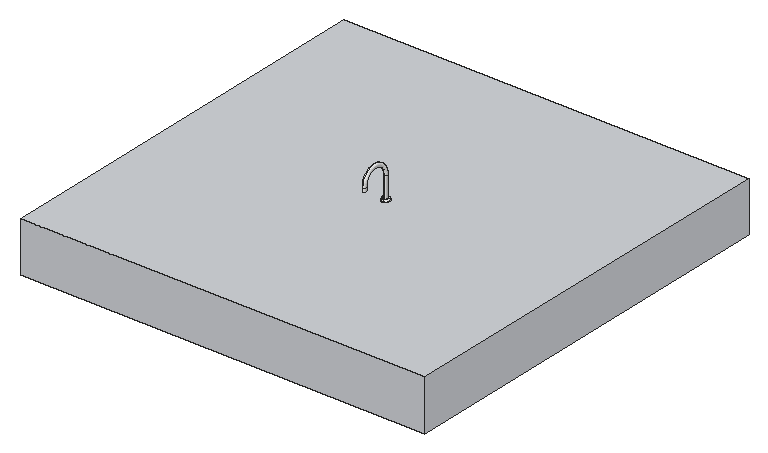
Revit family "Outlet-Sink-Caroma G Series Plus 160 Outlet-Hob_Temp_e6efc142-57e4-488a-9f6f-00e7d258c719", category Plumbing Fixtures, host Face, Revit 2015
Parameters (values of type "Chrome")
  Waste Connection = no
  Vent Connection = no
  URL = "http://specify.caroma.com.au/"
  Type Comments = "Caroma G Series Plus Hob Sink Outlet 160mm"  # constant formula
  ModifiedIssue_ANZRS = 20170420.54  # constant formula
  Model = "G03500C4A"  # constant formula
  Material_ANZRS = Metal-Chrome-Caroma
  Manufacturer = "GWA Bathrooms&Kitchens"  # constant formula
  Keynote = ""
  HWFU = 0
  HW Connection = no
  Description = "WELS 4 star rated, 7.5L/min"  # constant formula
  Default Elevation = 1000 mm
  CreatedBy_ANZRS = "Design Content"  # constant formula
  CreatedByURL_ANZRS = "http://www.designcontent.com.au/"
  Cost = 0
  ConnectorDiameter = 20 mm
  CWFU = 0
  CW Connection = yes
  Assembly Code = "D2020"
Reference planes
  plane 1 "Center (Front/Back)": y = 0
  plane 2: z = 0
  plane 3 "Center (Left/Right)": x = 0
Forms (mm)
  Extrusion 1, solid
    sketch origin (-11.577, 5.133, 0) x (1, 0, 0) y (0, 1, 0)
      loop
        line (-1219.2, 1219.2) -> (-1219.2, -1219.2) -> (1219.2, -1219.2) -> (1219.2, 1219.2) -> (-1219.2, 1219.2)
    from 0 to -304.8
  Revolve 2, solid, material "Metal-Chrome-Caroma" <- "Material_ANZRS"
    sketch origin (0.007, 58.962, 1219.2) x (0, 1, 0) y (0, 0, 1)
      loop
        line (-58.962, -1219.2) -> (-58.962, -1207.2) -> (-77.143, -1207.2)
        arc (-77.143, -1207.2) -> (-77.971, -1207.43) -> (-78.54, -1208.073) r 1.512
        line (-78.54, -1208.073) -> (-83.394, -1218.483)
        arc (-83.394, -1218.483) -> (-83.406, -1218.933) -> (-83.044, -1219.2) r 0.487
        line (-83.044, -1219.2) -> (-58.962, -1219.2)
      axis (-58.962, -1219.2) -> (-58.962, -1207.2)
    angle from 0 to 360
  Sweep 3, solid, material "Metal-Chrome-Caroma" <- "Material_ANZRS"
    path origin (0.187, 58.962, 1218.896) x (0, 1, 0) y (0, 0, 1)
      loop
        line (-219.005, -1099.8) -> (-219.005, -1079.8)
        arc (-219.005, -1079.8) -> (-138.867, -999.661) -> (-58.729, -1079.8) r 80.138
        line (-58.729, -1079.8) -> (-58.729, -1206.896)
    profile origin (0.187, 0.233, 75.548) x (1, 0, 0) y (0, 1, 0)
      loop
        circle (0, 0) r 9.5
Lines and regions (mm)
  Masking region 1
    outline origin (0, 0, 0) x (0, 1, 0) y (0, 0, 1)
      loop
        line (24.901, 0.717) -> (19.988, 11.252)
        arc (19.988, 11.252) -> (19.439, 11.842) -> (18.649, 12) r 1.31
        line (18.649, 12) -> (9.581, 12) -> (10.16, 146.124)
        arc (10.16, 146.124) -> (-83.216, 228.703) -> (-169.54, 138.778) r 90
        line (-169.54, 138.778) -> (-169.54, 119.092) -> (-150.543, 119.092) -> (-150.543, 138.59)
        arc (-150.543, 138.59) -> (-79.863, 209.325) -> (-9.075, 138.7) r 70.734
        line (-9.075, 138.7) -> (-8.88, 12) -> (-18.533, 12)
        arc (-18.533, 12) -> (-19.271, 11.795) -> (-19.798, 11.24) r 1.433
        line (-19.798, 11.24) -> (-24.705, 0.717)
        arc (-24.705, 0.717) -> (-24.701, 0.275) -> (-24.355, 0) r 0.513
        line (-24.355, 0) -> (24.551, 0)
        arc (24.551, 0) -> (24.925, 0.262) -> (24.901, 0.717) r 0.47
  Masking region 2
    outline origin (0, 0, 0) x (1, 0, 0) y (0, 0, 1)
      loop
        line (-24.158, 0) -> (24.46, 0)
        arc (24.46, 0) -> (24.814, 0.272) -> (24.81, 0.717) r 0.5
        line (24.81, 0.717) -> (19.89, 11.268)
        arc (19.89, 11.268) -> (19.344, 11.851) -> (18.559, 12) r 1.287
        line (18.559, 12) -> (9.678, 12) -> (9.662, 219.02)
        arc (9.662, 219.02) -> (0.44, 228.511) -> (-9.313, 219.567) r 9.495
        line (-9.313, 219.567) -> (-9.372, 12) -> (-18.256, 12)
        arc (-18.256, 12) -> (-19.042, 11.851) -> (-19.588, 11.268) r 1.287
        line (-19.588, 11.268) -> (-24.507, 0.717)
        arc (-24.507, 0.717) -> (-24.511, 0.272) -> (-24.158, 0) r 0.5
  Masking region 3
    outline origin (0, 0, 0) x (1, 0, 0) y (0, 1, 0)
      loop
        arc (9.704, -22.948) -> (-0.183, 25.09) -> (-9.372, -23.087) r 25
        line (-9.372, -23.087) -> (-9.372, -159.984)
        arc (-9.372, -159.984) -> (0.166, -169.522) -> (9.704, -159.984) r 9.538
        line (9.704, -159.984) -> (9.704, -22.948)
  symbolic lines, style "PlumbingFixtures"
    curve 1: line (9.687, 0, 12) -> (-9.235, 0, 12)
    curve 2: line (0, 9.733, 12) -> (0, -9.267, 12)
    curve 3: line (-9.392, -22.767, 0) -> (-9.392, 0.2, 0)
    curve 4: line (9.704, -22.636, 0) -> (9.704, 0.2, 0)
    curve 5: arc (-9.392, 0.2, 0) -> (0.156, 9.748, 0) -> (9.704, 0.2, 0) r 9.548
    curve 6: arc (9.704, -15.373, 0) -> (-0.184, 18.179, 0) -> (-9.392, -15.566, 0) r 18.18
Dimensions and locks
  aligned and locked: plane 2 to Extrusion 1
  aligned and locked: level to Extrusion 1
Connectors
  piping at (0.007, 0, 0), diameter 20, driven by "ConnectorDiameter"
    settings: on Revolve 2, index 1, connector inside diameter 24", connector length 0 mm, flow factor 0, pipe flow 0 GPM, pressure drop 0.00 psi, fitting loss kfactor 0, connector angle 0.00°, fixture units 0, engagement length 0 mm, angle of deflection 0.00°, flow configuration 3, flow direction 1, fitting loss method 0, system type 20, joint type 0, gender type 0, connector reference index -1, connector utility 0, adjustable connector no, is connector primary yes, connector description "Connector"
